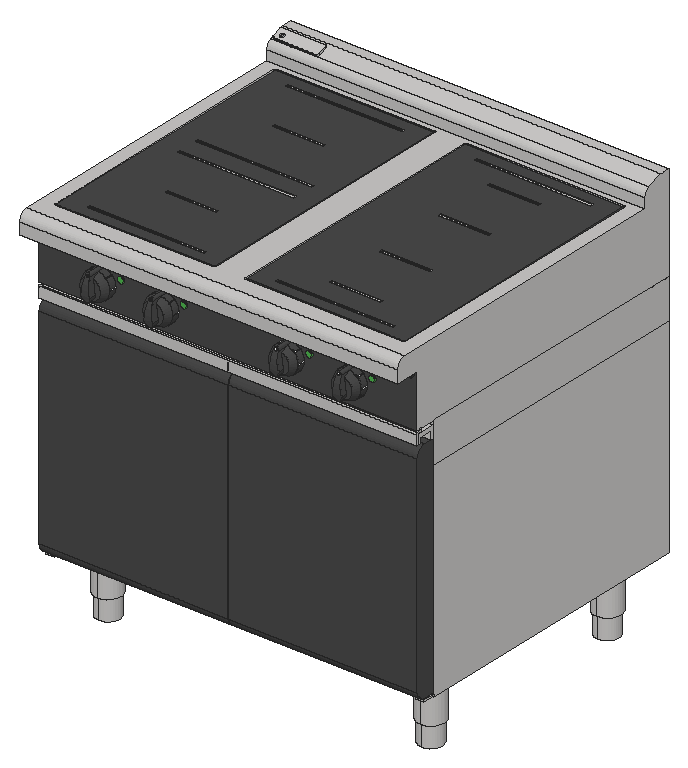
Revit family "QF_Moffat_INLB8400R5F-CD_Induction_Cooktop_cat", category Specialty Equipment, Revit 2019 (continued)
Definition of nested family "Knob"
  Forms (mm)
    Extrusion 5, solid
      sketch origin (32.5, -10, 32.5) x (0, 0, -1) y (-1, 0, 0)
        loop
          arc (0.8, 33.29) -> (0, 33.3) -> (-0.8, 33.29) r 33.3
        loop
          line (32.49, -0.8) -> (33.29, -0.8)
          arc (33.29, -0.8) -> (33.3, 0) -> (33.29, 0.8) r 33.3
          line (33.29, 0.8) -> (32.49, 0.8)
          arc (32.49, 0.8) -> (32.5, 0) -> (32.49, -0.8) r 32.5
        loop
          arc (24.106, 22.974) -> (23.547, 23.547) -> (22.974, 24.106) r 33.3
          line (22.974, 24.106) -> (22.408, 23.54)
          arc (22.408, 23.54) -> (22.981, 22.981) -> (23.54, 22.408) r 32.5
          line (23.54, 22.408) -> (24.106, 22.974)
      from 0 to -16.709
  Cuts and joins
    Extrusion 3 cuts Extrusion 2
  Dimensions and locks
    equal spacing: plane 3 "LEFT", plane 7 "Center Y", plane 4 "RIGHT"
    "Length": plane 3 "LEFT" to plane 4 "RIGHT"
    equal spacing: plane 5 "FRONT", plane 8 "Center X", plane 1 "BACK"
    "Depth": plane 5 "FRONT" to plane 1 "BACK"
    "Height": plane 6 "TOP" to level
    plane 4 "RIGHT" to plane 3 "LEFT" = 65 mm
    aligned and locked: level to plane 2
  Automatic sketch dimensions
    Revolve 1 sketch curve to level = 0 mm
    Revolve 1 sketch curve to plane 1 "BACK" = 0 mm  (x2)
    plane 1 "BACK" to Revolve 1 sketch curve = 10 mm
    plane 8 "Center X" to Revolve 1 sketch curve = 2.791 mm
    Revolve 1 sketch curve to plane 8 "Center X" = 14.5 mm
    level to Revolve 1 sketch curve = 7.699 mm
    level to Revolve 1 sketch curve = 27.5 mm
    Revolve 1 sketch curve to Revolve 1 sketch curve = 5 mm
    Revolve 1 sketch curve to Revolve 1 sketch curve = 35 mm
    Revolve 1 sketch curve to Revolve 1 sketch curve = 0 mm
    Extrusion 2 sketch curve to plane 6 "TOP" = 0 mm
    Extrusion 2 sketch curve to plane 5 "FRONT" = 3.702 mm
    Extrusion 2 sketch curve to plane 5 "FRONT" = 10.293 mm
    Extrusion 2 sketch curve to Extrusion 2 sketch curve = 11.298 mm
    plane 8 "Center X" to Extrusion 2 sketch curve = 2.791 mm
    plane 1 "BACK" to Extrusion 2 sketch curve = 10 mm
    Extrusion 2 sketch curve to plane 1 "BACK" = 11 mm
    Extrusion 2 sketch curve to plane 6 "TOP" = 4.5 mm
    Extrusion 2 sketch curve to plane 6 "TOP" = 12.199 mm
    level to Extrusion 2 sketch curve = 32.962 mm
    level to Extrusion 3 sketch curve = 5.625 mm
    Extrusion 3 sketch curve to plane 7 "Center Y" = 0 mm  (x2)
    Extrusion 3 sketch curve to plane 7 "Center Y" = 4.999 mm
    Extrusion 3 sketch curve to plane 7 "Center Y" = 10.48 mm
    plane 6 "TOP" to Extrusion 3 sketch curve = 3.477 mm
    plane 3 "LEFT" to Extrusion 3 sketch curve = 10 mm
    Extrusion 3 sketch curve to plane 6 "TOP" = 4.887 mm
    Extrusion 3 sketch curve to Extrusion 3 sketch curve = 4.999 mm
    plane 7 "Center Y" to Extrusion 3 sketch curve = 10.486 mm
    level to Extrusion 3 sketch curve = 20.585 mm
    Extrusion 3 sketch curve to Extrusion 3 sketch curve = 0.387 mm
    Extrusion 3 sketch curve to Extrusion 3 sketch curve = 0.113 mm
    plane 4 "RIGHT" to Extrusion 3 sketch curve = 10 mm
    Extrusion 5 sketch curve to Revolve 1 = 32.49 mm
    Revolve 1 to Extrusion 5 sketch curve = 32.49 mm
    Extrusion 5 sketch curve to Revolve 1 = 23.54 mm  (x2)
    Revolve 1 to Extrusion 5 sketch curve = 23.54 mm  (x2)
    Extrusion 5 sketch curve to Revolve 1 = 24.106 mm  (x2)
    Revolve 1 to Extrusion 5 sketch curve = 24.106 mm  (x2)
    Revolve 1 to Extrusion 5 sketch curve = 22.408 mm  (x2)
    Extrusion 5 sketch curve to Revolve 1 = 22.408 mm  (x2)
    Revolve 1 to Extrusion 5 sketch curve = 22.974 mm  (x2)
    Extrusion 5 sketch curve to Revolve 1 = 22.974 mm  (x2)
    Extrusion 5 sketch curve to Extrusion 5 sketch curve = 1.6 mm  (x2)
    Revolve 1 to Extrusion 5 sketch curve = 0.8 mm
    Extrusion 5 sketch curve to Revolve 1 = 0.8 mm
    Extrusion 4 sketch curve to plane 7 "Center Y" = 0.003 mm
    radius of Extrusion 5 sketch curve to Revolve 1 = 0 mm  (x7)
    radius of Revolve 1 to Extrusion 5 sketch curve = 0.8 mm  (x7)
    radius of Extrusion 4 sketch curve = 2 mm
Definition of nested family "QF_LOGO_Waldorf1"
  Parameters (values of type "QF_LOGO_Waldorf")
    Weight in Pounds = 0
    URL Cutsheet = ""
    Specification by User = ""
    Specification by Manufacturer = ""
    Serial Number = ""
    Seismic Rating = ""
    SMACNA No = ""
    Revision Code = ""
    NAFEM Spec ID Number = ""
    Masterspec = ""
    Length = 138 mm
    Item Number = ""
    Installed By = ""
    Identify Quantity as Lot = yes
    Height = 26.711 mm
    Furnished By = ""
    Foodservice Equipment Identifier = yes
    Depth = 3.175 mm
    CSI MasterFormat = ""
  Reference planes
    plane 1 "BACK": y = 0
    plane 2: z = 0
    plane 3 "LEFT": x = 0
    plane 4 "RIGHT": x = 138
    plane 5 "FRONT": y = -3.175
    plane 6 "TOP": z = 26.711
    plane 7 "Center Y": x = 69
    plane 8 "Center X": y = -1.587
  Forms (mm)
    Extrusion 1, solid
      sketch origin (0, 0, 0) x (1, 0, 0) y (0, 0.920505, 0.390731)
        loop
          line (109, 3.464) -> (109, 23.247)
          spline (109, 23.247) -> (108.966, 23.699) -> (108.864, 24.143) -> (108.696, 24.572) -> (108.464, 24.979) -> (108.173, 25.355) -> (107.828, 25.696) -> (107.435, 25.995) -> (107, 26.247) -> (106.531, 26.447) -> (106.035, 26.593) -> (105.522, 26.681) -> (105, 26.711)
          line (105, 26.711) -> (4, 26.711)
          spline (4, 26.711) -> (3.478, 26.681) -> (2.965, 26.593) -> (2.469, 26.447) -> (2, 26.247) -> (1.565, 25.995) -> (1.172, 25.696) -> (0.827, 25.355) -> (0.536, 24.979) -> (0.304, 24.572) -> (0.136, 24.143) -> (0.034, 23.699) -> (0, 23.247)
          line (0, 23.247) -> (0, 3.464)
          spline (0, 3.464) -> (0.034, 3.012) -> (0.136, 2.568) -> (0.304, 2.138) -> (0.536, 1.732) -> (0.827, 1.355) -> (1.172, 1.015) -> (1.565, 0.716) -> (2, 0.464) -> (2.469, 0.264) -> (2.965, 0.118) -> (3.478, 0.03) -> (4, 0)
          line (4, 0) -> (105, 0)
          spline (105, 0) -> (105.522, 0.03) -> (106.035, 0.118) -> (106.531, 0.264) -> (107, 0.464) -> (107.435, 0.716) -> (107.828, 1.015) -> (108.173, 1.355) -> (108.464, 1.732) -> (108.696, 2.138) -> (108.864, 2.568) -> (108.966, 3.012) -> (109, 3.464)
        loop
          line (14.75, 7.005) -> (14.75, 15.654)
          arc (14.75, 15.654) -> (10.425, 11.329) -> (14.75, 7.005) r 4.325
        loop
          line (15.25, 15.654) -> (15.25, 7.005)
          arc (15.25, 7.005) -> (19.575, 11.329) -> (15.25, 15.654) r 4.325
      from 0 to 3.2
    Extrusion 2, solid
      sketch origin (0, 0, 0) x (1, 0, 0) y (0, 0.920505, 0.390731)
        loop
          line (15.25, 15.654) -> (15.25, 7.005)
          arc (15.25, 7.005) -> (19.575, 11.329) -> (15.25, 15.654) r 4.325
      from 0 to 3.2
    Extrusion 3, solid
      sketch origin (16.271, 0, 0) x (-1, 0, 0) y (0, -0.920505, -0.390731)
        loop
          arc (1.521, -15.654) -> (5.846, -11.329) -> (1.521, -7.005) r 4.325
          line (1.521, -7.005) -> (1.521, -15.654)
      from 0 to 3.2
  Lines and regions (mm)
    Split face 1
      outline origin (0, -1.25, 2.946) x (1, 0, 0) y (0, 0.920505, 0.390731)
        loop
          spline (22.129, 16.975) -> (22.389, 15.984) -> (22.649, 15.002) -> (22.91, 14.028) -> (23.172, 13.065) -> (23.433, 12.11) -> (23.695, 11.166) -> (23.956, 10.232) -> (24.218, 9.308) -> (24.479, 8.396) -> (24.74, 7.495) -> (25, 6.605) -> (25.26, 5.728)
          line (25.26, 5.728) -> (29.463, 5.728)
          spline (29.463, 5.728) -> (29.582, 6.252) -> (29.701, 6.78) -> (29.82, 7.313) -> (29.939, 7.85) -> (30.058, 8.391) -> (30.178, 8.936) -> (30.297, 9.485) -> (30.416, 10.038) -> (30.536, 10.594) -> (30.655, 11.155) -> (30.775, 11.719) -> (30.894, 12.287)
          spline (30.894, 12.287) -> (31.018, 11.719) -> (31.142, 11.155) -> (31.266, 10.594) -> (31.39, 10.038) -> (31.514, 9.485) -> (31.638, 8.936) -> (31.762, 8.391) -> (31.885, 7.85) -> (32.009, 7.313) -> (32.133, 6.78) -> (32.256, 6.252) -> (32.379, 5.728)
          line (32.379, 5.728) -> (36.51, 5.728)
          spline (36.51, 5.728) -> (36.766, 6.605) -> (37.023, 7.495) -> (37.28, 8.396) -> (37.538, 9.308) -> (37.795, 10.232) -> (38.053, 11.166) -> (38.311, 12.11) -> (38.569, 13.065) -> (38.826, 14.028) -> (39.083, 15.002) -> (39.34, 15.984) -> (39.597, 16.975)
          line (39.597, 16.975) -> (35.637, 16.975)
          spline (35.637, 16.975) -> (35.523, 16.334) -> (35.41, 15.697) -> (35.296, 15.063) -> (35.182, 14.433) -> (35.068, 13.807) -> (34.954, 13.185) -> (34.84, 12.566) -> (34.726, 11.952) -> (34.612, 11.342) -> (34.497, 10.737) -> (34.383, 10.135) -> (34.269, 9.538)
          spline (34.269, 9.538) -> (34.138, 10.135) -> (34.008, 10.737) -> (33.877, 11.342) -> (33.746, 11.952) -> (33.616, 12.566) -> (33.485, 13.185) -> (33.354, 13.807) -> (33.224, 14.433) -> (33.093, 15.063) -> (32.963, 15.697) -> (32.833, 16.334) -> (32.703, 16.975)
          line (32.703, 16.975) -> (29.247, 16.975)
          spline (29.247, 16.975) -> (29.111, 16.334) -> (28.974, 15.697) -> (28.837, 15.063) -> (28.7, 14.433) -> (28.562, 13.807) -> (28.425, 13.185) -> (28.288, 12.566) -> (28.15, 11.952) -> (28.013, 11.342) -> (27.875, 10.737) -> (27.738, 10.135) -> (27.6, 9.538)
          spline (27.6, 9.538) -> (27.483, 10.135) -> (27.366, 10.737) -> (27.249, 11.342) -> (27.132, 11.952) -> (27.015, 12.566) -> (26.897, 13.185) -> (26.78, 13.807) -> (26.663, 14.433) -> (26.546, 15.063) -> (26.43, 15.697) -> (26.313, 16.334) -> (26.196, 16.975)
          line (26.196, 16.975) -> (22.129, 16.975)
    Split face 2
      outline origin (0, -1.25, 2.946) x (1, 0, 0) y (0, 0.920505, 0.390731)
        loop
          line (51.449, 5.728) -> (51.035, 6.606) -> (51.035, 11.169)
          spline (51.035, 11.169) -> (50.686, 12.42) -> (50.176, 13.224) -> (49.51, 13.708) -> (48.693, 13.995) -> (47.747, 14.152) -> (46.698, 14.207) -> (45.579, 14.186) -> (44.419, 14.114) -> (43.279, 13.929) -> (42.249, 13.481) -> (41.424, 12.614) -> (40.897, 11.169)
          line (40.897, 11.169) -> (44.617, 11.169) -> (44.988, 11.965)
          spline (44.988, 11.965) -> (47.294, 11.682) -> (46.856, 10.932) -> (45.527, 10.609) -> (43.858, 10.439) -> (42.259, 10.123) -> (41.078, 9.417) -> (40.563, 8.246) -> (40.689, 6.989) -> (41.407, 6.052) -> (42.774, 5.536) -> (44.847, 5.497) -> (47.306, 6.602)
          line (47.306, 6.602) -> (47.624, 5.728) -> (51.449, 5.728)
    Split face 3
      outline origin (0, -1.25, 2.946) x (1, 0, 0) y (0, 0.920505, 0.390731)
        loop
          line (47.264, 9.264) -> (44.938, 8.597)
          spline (44.938, 8.597) -> (44.508, 8.228) -> (44.402, 7.9) -> (44.548, 7.626) -> (44.877, 7.42) -> (45.317, 7.295) -> (45.797, 7.265) -> (46.252, 7.342) -> (46.65, 7.525) -> (46.971, 7.813) -> (47.194, 8.201) -> (47.298, 8.685) -> (47.264, 9.264)
    Split face 4
      outline origin (0, -1.25, 2.946) x (1, 0, 0) y (0, 0.920505, 0.390731)
        loop
          line (53.33, 16.975) -> (53.33, 5.728) -> (57.173, 5.728) -> (57.173, 16.975) -> (53.33, 16.975)
    Split face 5
      outline origin (0, -1.25, 2.946) x (1, 0, 0) y (0, 0.920505, 0.390731)
        loop
          line (65.795, 16.975) -> (65.795, 12.976)
          spline (65.795, 12.976) -> (63.839, 14.082) -> (62.087, 14.096) -> (60.633, 13.343) -> (59.574, 12.148) -> (58.99, 10.806) -> (58.867, 9.452) -> (59.156, 8.159) -> (59.81, 7) -> (60.786, 6.056) -> (62.111, 5.514) -> (63.868, 5.634) -> (66.137, 6.679)
          line (66.137, 6.679) -> (66.137, 5.728) -> (69.511, 5.728) -> (69.511, 16.975) -> (65.795, 16.975)
    Split face 6
      outline origin (0, -1.25, 2.946) x (1, 0, 0) y (0, 0.920505, 0.390731)
        loop
          spline (64.273, 7.499) -> (64.754, 7.57) -> (65.202, 7.777) -> (65.587, 8.106) -> (65.882, 8.535) -> (66.067, 9.034) -> (66.131, 9.57) -> (66.067, 10.106) -> (65.882, 10.605) -> (65.587, 11.034) -> (65.202, 11.363) -> (64.754, 11.57) -> (64.273, 11.64)
          spline (64.273, 11.64) -> (63.793, 11.57) -> (63.345, 11.363) -> (62.96, 11.034) -> (62.665, 10.605) -> (62.479, 10.106) -> (62.416, 9.57) -> (62.479, 9.034) -> (62.665, 8.535) -> (62.96, 8.106) -> (63.345, 7.777) -> (63.793, 7.57) -> (64.273, 7.499)
    Split face 7
      outline origin (0, -1.25, 2.946) x (1, 0, 0) y (0, 0.920505, 0.390731)
        loop
          spline (76.449, 5.305) -> (77.855, 5.457) -> (79.166, 5.901) -> (80.291, 6.607) -> (81.155, 7.527) -> (81.698, 8.599) -> (81.883, 9.749) -> (81.698, 10.899) -> (81.155, 11.97) -> (80.291, 12.891) -> (79.166, 13.597) -> (77.855, 14.041) -> (76.449, 14.192)
          spline (76.449, 14.192) -> (75.042, 14.041) -> (73.731, 13.597) -> (72.606, 12.891) -> (71.742, 11.97) -> (71.199, 10.899) -> (71.014, 9.749) -> (71.199, 8.599) -> (71.742, 7.527) -> (72.606, 6.607) -> (73.731, 5.901) -> (75.042, 5.457) -> (76.449, 5.305)
    Split face 8
      outline origin (0, -1.25, 2.946) x (1, 0, 0) y (0, 0.920505, 0.390731)
        loop
          spline (76.449, 7.654) -> (76.841, 7.725) -> (77.206, 7.934) -> (77.52, 8.267) -> (77.76, 8.701) -> (77.912, 9.206) -> (77.963, 9.749) -> (77.912, 10.291) -> (77.76, 10.796) -> (77.52, 11.23) -> (77.206, 11.563) -> (76.841, 11.772) -> (76.449, 11.843)
          spline (76.449, 11.843) -> (76.057, 11.772) -> (75.691, 11.563) -> (75.378, 11.23) -> (75.137, 10.796) -> (74.986, 10.291) -> (74.934, 9.749) -> (74.986, 9.206) -> (75.137, 8.701) -> (75.378, 8.267) -> (75.691, 7.934) -> (76.057, 7.725) -> (76.449, 7.654)
    Split face 9
      outline origin (0, -1.25, 2.946) x (1, 0, 0) y (0, 0.920505, 0.390731)
        loop
          line (86.998, 12.335) -> (86.998, 13.879) -> (83.479, 13.879) -> (83.479, 5.728) -> (87.312, 5.728) -> (87.312, 8.975)
          spline (87.312, 8.975) -> (87.364, 9.356) -> (87.458, 9.686) -> (87.594, 9.968) -> (87.769, 10.204) -> (87.982, 10.398) -> (88.229, 10.55) -> (88.509, 10.666) -> (88.82, 10.746) -> (89.16, 10.794) -> (89.525, 10.812) -> (89.915, 10.803) -> (90.327, 10.77)
          line (90.327, 10.77) -> (90.327, 14.113)
          spline (90.327, 14.113) -> (89.929, 14.127) -> (89.552, 14.111) -> (89.197, 14.066) -> (88.865, 13.991) -> (88.554, 13.887) -> (88.266, 13.754) -> (87.999, 13.591) -> (87.755, 13.399) -> (87.532, 13.177) -> (87.332, 12.926) -> (87.154, 12.645) -> (86.998, 12.335)
    Split face 10
      outline origin (0, -1.25, 2.946) x (1, 0, 0) y (0, 0.920505, 0.390731)
        loop
          line (92.082, 13.879) -> (90.894, 13.879) -> (90.894, 11.972) -> (92.082, 11.972) -> (92.082, 5.728) -> (95.871, 5.728) -> (95.871, 11.972) -> (97.5, 11.972) -> (97.5, 13.879) -> (95.871, 13.879)
          spline (95.871, 13.879) -> (95.843, 14.088) -> (95.845, 14.278) -> (95.877, 14.447) -> (95.939, 14.596) -> (96.03, 14.726) -> (96.151, 14.835) -> (96.301, 14.925) -> (96.482, 14.995) -> (96.692, 15.045) -> (96.931, 15.075) -> (97.201, 15.085) -> (97.5, 15.076)
          line (97.5, 15.076) -> (97.5, 17.266) -> (95.367, 17.266)
          spline (95.367, 17.266) -> (94.982, 17.253) -> (94.58, 17.21) -> (94.174, 17.132) -> (93.774, 17.013) -> (93.39, 16.846) -> (93.034, 16.627) -> (92.717, 16.349) -> (92.448, 16.007) -> (92.24, 15.595) -> (92.102, 15.106) -> (92.046, 14.537) -> (92.082, 13.879)
  Dimensions and locks
    equal spacing: plane 3 "LEFT", plane 7 "Center Y", plane 4 "RIGHT"
    "Length": plane 3 "LEFT" to plane 4 "RIGHT"
    equal spacing: plane 5 "FRONT", plane 8 "Center X", plane 1 "BACK"
    "Depth": plane 5 "FRONT" to plane 1 "BACK"
    "Height": plane 6 "TOP" to level
    plane 4 "RIGHT" to plane 3 "LEFT" = 138 mm
    aligned and locked: level to plane 2
  Automatic sketch dimensions
    Extrusion 1 sketch curve to plane 3 "LEFT" = 0 mm
    plane 3 "LEFT" to Extrusion 1 sketch curve = 4 mm  (x2)
    Extrusion 1 sketch curve to Extrusion 1 sketch curve = 10.75 mm
    Extrusion 1 sketch curve to Extrusion 1 sketch curve = 0.5 mm
    plane 4 "RIGHT" to Extrusion 1 sketch curve = 33 mm
    Extrusion 1 sketch curve to Extrusion 1 sketch curve = 0 mm  (x3)
    Extrusion 1 sketch curve to Extrusion 1 sketch curve = 4 mm
    Extrusion 1 sketch curve to Extrusion 1 sketch curve = 3.464 mm  (x3)
    Extrusion 1 sketch curve to Extrusion 1 sketch curve = 3.541 mm
    Extrusion 1 sketch curve to Extrusion 1 sketch curve = 4.325 mm
    Extrusion 1 sketch curve to Extrusion 1 sketch curve = 19.783 mm
    Extrusion 1 sketch curve to Extrusion 1 sketch curve = 7.592 mm
    plane 3 "LEFT" to Extrusion 2 sketch curve = 15.25 mm
    Extrusion 2 sketch curve to Extrusion 2 sketch curve = 4.325 mm
    plane 3 "LEFT" to Extrusion 3 sketch curve = 14.75 mm
    Extrusion 3 sketch curve to Extrusion 3 sketch curve = 4.325 mm
    Extrusion 1 to Split face 1 sketch curve = 6.879 mm
    Split face 1 sketch curve to Extrusion 1 = 5.728 mm
    Split face 1 sketch curve to Split face 1 sketch curve = 3.132 mm
    Split face 1 sketch curve to Split face 1 sketch curve = 4.068 mm
    Split face 1 sketch curve to Split face 1 sketch curve = 3.051 mm
    Split face 1 sketch curve to Split face 1 sketch curve = 4.203 mm
    Split face 1 sketch curve to Split face 1 sketch curve = 2.916 mm
    Split face 1 sketch curve to Split face 1 sketch curve = 3.456 mm
    Split face 1 sketch curve to Split face 1 sketch curve = 2.934 mm
    Split face 1 sketch curve to Split face 1 sketch curve = 4.131 mm
    Split face 1 sketch curve to Split face 1 sketch curve = 3.96 mm
    Split face 1 sketch curve to Split face 1 sketch curve = 0 mm  (x2)
    Split face 1 sketch curve to Extrusion 1 = 9.736 mm  (x2)
    Extrusion 1 to Split face 1 sketch curve = 6.337 mm
    Extrusion 1 to Split face 1 sketch curve = 6.231 mm
    Extrusion 1 to Split face 1 sketch curve = 3.184 mm
    Extrusion 1 to Split face 1 sketch curve = 13.135 mm
    Split face 1 sketch curve to Split face 1 sketch curve = 4.652 mm
    Split face 1 sketch curve to Split face 1 sketch curve = 3.593 mm
    Split face 1 sketch curve to Split face 1 sketch curve = 1.863 mm
    Split face 1 sketch curve to Split face 1 sketch curve = 0.713 mm
    Split face 1 sketch curve to Split face 1 sketch curve = 2.684 mm
    Split face 1 sketch curve to Split face 1 sketch curve = 3.294 mm
    Split face 1 sketch curve to Split face 1 sketch curve = 0.459 mm
    Split face 1 sketch curve to Split face 1 sketch curve = 2.775 mm
    Split face 1 sketch curve to Split face 1 sketch curve = 1.89 mm
    Split face 1 sketch curve to Split face 1 sketch curve = 0.685 mm
    Split face 1 sketch curve to Split face 1 sketch curve = 9.486 mm
    Split face 1 sketch curve to Split face 1 sketch curve = 16.213 mm
    Split face 1 sketch curve to Split face 1 sketch curve = 3.48 mm
    Split face 1 sketch curve to Split face 1 sketch curve = 4.918 mm
    Split face 1 sketch curve to Split face 1 sketch curve = 7.609 mm
    Split face 1 sketch curve to Split face 1 sketch curve = 0.01 mm  (x2)
    Split face 1 sketch curve to Split face 1 sketch curve = 0.002 mm
    Split face 2 sketch curve to Extrusion 1 = 11.169 mm
    Extrusion 1 to Split face 2 sketch curve = 25.647 mm
    Split face 2 sketch curve to Split face 2 sketch curve = 3.72 mm
    Split face 2 sketch curve to Extrusion 1 = 11.965 mm
    Split face 2 sketch curve to Split face 2 sketch curve = 0.371 mm
    Split face 2 sketch curve to Extrusion 1 = 6.602 mm
    Split face 2 sketch curve to Split face 2 sketch curve = 2.689 mm
    Split face 2 sketch curve to Split face 2 sketch curve = 0.318 mm
    Split face 2 sketch curve to Split face 2 sketch curve = 3.729 mm
    Split face 2 sketch curve to Split face 2 sketch curve = 0.414 mm
    Split face 2 sketch curve to Split face 2 sketch curve = 0.875 mm
    Split face 2 sketch curve to Split face 2 sketch curve = 0.878 mm
    Split face 3 sketch curve to Extrusion 1 = 8.597 mm
    Extrusion 1 to Split face 3 sketch curve = 29.688 mm
    Split face 3 sketch curve to Extrusion 1 = 9.264 mm
    Split face 3 sketch curve to Split face 3 sketch curve = 2.326 mm
    Split face 4 sketch curve to Extrusion 1 = 5.728 mm
    Extrusion 1 to Split face 4 sketch curve = 38.08 mm
    Split face 4 sketch curve to Split face 4 sketch curve = 3.843 mm
    Split face 4 sketch curve to Extrusion 1 = 9.736 mm
    Split face 5 sketch curve to Extrusion 1 = 9.736 mm
    Split face 5 sketch curve to Extrusion 1 = 43.205 mm
    Split face 5 sketch curve to Extrusion 1 = 6.679 mm
    Split face 5 sketch curve to Split face 5 sketch curve = 0.342 mm
    Split face 5 sketch curve to Split face 5 sketch curve = 3.375 mm
    Split face 5 sketch curve to Split face 5 sketch curve = 0.952 mm
    Split face 5 sketch curve to Split face 5 sketch curve = 3.998 mm
    Split face 6 sketch curve to Extrusion 1 = 7.499 mm
    Split face 6 sketch curve to Extrusion 1 = 44.727 mm
    Split face 6 sketch curve to Split face 6 sketch curve = 2.07 mm
    Split face 7 sketch curve to Extrusion 1 = 5.305 mm
    Split face 7 sketch curve to Extrusion 1 = 32.551 mm
    Split face 7 sketch curve to Split face 7 sketch curve = 4.443 mm
    Split face 8 sketch curve to Extrusion 1 = 7.654 mm
    Split face 8 sketch curve to Extrusion 1 = 32.551 mm
    Split face 8 sketch curve to Split face 8 sketch curve = 2.095 mm
    Split face 9 sketch curve to Extrusion 1 = 5.728 mm
    Split face 9 sketch curve to Extrusion 1 = 25.521 mm
    Split face 9 sketch curve to Split face 9 sketch curve = 3.519 mm
    Split face 9 sketch curve to Split face 9 sketch curve = 0.315 mm
    Split face 9 sketch curve to Split face 9 sketch curve = 3.33 mm
    Split face 9 sketch curve to Split face 9 sketch curve = 3.248 mm
    Split face 9 sketch curve to Split face 9 sketch curve = 1.795 mm
    Split face 9 sketch curve to Split face 9 sketch curve = 3.36 mm
    Split face 9 sketch curve to Split face 9 sketch curve = 1.545 mm
    Split face 9 sketch curve to Split face 9 sketch curve = 0.233 mm
    Split face 10 sketch curve to Extrusion 1 = 18.106 mm
    Split face 10 sketch curve to Split face 10 sketch curve = 1.188 mm  (x2)
    Split face 10 sketch curve to Split face 10 sketch curve = 3.285 mm
    Split face 10 sketch curve to Split face 10 sketch curve = 3.789 mm
    Split face 10 sketch curve to Split face 10 sketch curve = 0 mm  (x2)
    Split face 10 sketch curve to Split face 10 sketch curve = 1.629 mm
    Split face 10 sketch curve to Split face 10 sketch curve = 2.133 mm
    Split face 10 sketch curve to Extrusion 1 = 5.728 mm
    Split face 10 sketch curve to Split face 10 sketch curve = 6.245 mm
    Split face 10 sketch curve to Split face 10 sketch curve = 1.907 mm  (x2)
    Split face 10 sketch curve to Split face 10 sketch curve = 1.197 mm
    Split face 10 sketch curve to Split face 10 sketch curve = 2.19 mm
Types (2, lengths in mm): name | Volts | Cycle | Apparent Power
  INLB8400R5F-CD_415/60/3 | 415 V | 60 Hz | 20102.6 VA
  INLB8400R5F-CD_400/50/3 | 400 V | 50 Hz | 19376 VA
